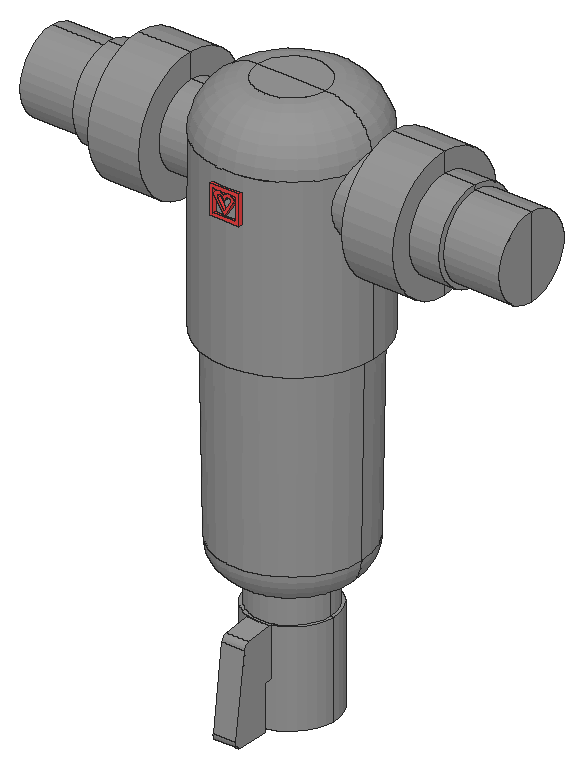
Revit family "Filter für Warmwasser 0554", category Rohrzubehör, Revit 2020
Family settings
  Bemaßung runder Anschluss = Durchmesser verwenden
  Teiletyp = Unterbricht
  OmniClass-Nummer = 23.65.55.14
  OmniClass-Titel = Valves for Liquid Services
  Arbeitsebenenbasiert = Nein
  Immer vertikal = Ja
  Beim Laden mit Abzugskörper schneiden = Nein
  Gemeinsam genutzt = Nein
Parameters
  W02 = 88.00°  # constant formula
  W01 = 89.00°  # constant formula
  Vorgabe-Ansicht = 0.000 mm
  VRS01 = 10.000 mm  # constant formula
  SC_NennweiteBerechnet = 0
  SC_Dimension = ""
  SCTWSEQ = "FI;SBT_TYP_FI=\"FI\";2"
  SCTWCODE = "02;00;02"  # constant formula
  S01 [instance] = (L02 + VRL01 + VRL02) - (L01 / 2)  # 30.500 mm
  Model = "Filter für Heißwasser mit Gehäuse aus Messing und Tasse aus Trogamid."
  Medium = "Trinkwasser"  # constant formula
  Max. Betriebstemperatur = 60 °C  # constant formula
  Max. Betriebsdruck = 1600000.0 Pa  # constant formula
  Tasse = "Kunststoff, Trogamid"  # constant formula
  Hinweis = "Gemäß Art 33 der REACH-Verordnung (EG Nr. 1907/2006) sind wir verpflichtet, darauf hinzuweisen, dass der Stoff Blei auf der SVHC-Liste geführt wird und dass alle aus Messing bestehenden Bauteile, die in unseren Erzeugnissen verarbeitet sind, mehr als 0,1 % (w/w) Blei (CAS: 7439-92-1 / EINECS: 231-100-4) enthalten.\r\nDa Blei als Legierungsbestandteil fest gebunden ist, sind keine Expositionen zu erwarten und daher sind keine zusätzlichen Angaben zur sicheren Verwendung notwendig."
  Gehäuse = "Messing, CW617N"  # constant formula
  GT [instance] = size_lookup("0554_", "GT", 1.000 mm, Nennweite)  # 17.500 mm
  VRL02 [instance] = size_lookup("0554_", "VRL2", 1.000 mm, Nennweite)  # 27.000 mm
  VRL01 [instance] = size_lookup("0554_", "VRL1", 1.000 mm, Nennweite)  # 16.000 mm
  VRD02 [instance] = size_lookup("0554_", "VRD2", 1.000 mm, Nennweite)  # 14.000 mm
  VRD01 [instance] = size_lookup("0554_", "VRD1", 1.000 mm, Nennweite)  # 20.000 mm
  URL = "www.herz-armaturen.at"
  T01 = 1.000 mm  # constant formula
  R02 = 8.000 mm  # constant formula
  R01 = 12.500 mm  # constant formula
  Nennweite [instance] = 25.000 mm
  Filter = "Edelstahl, Maschenweite 100 μm"  # constant formula
  D02 = 22.750 mm  # constant formula
  L02 [instance] = size_lookup("0554_", "L2", 1.000 mm, Nennweite)  # 31.500 mm
  L01 [instance] = size_lookup("0554_", "L1", 1.000 mm, Nennweite)  # 88.000 mm
  Hersteller = "HERZ Armaturen Ges.m.b.H."  # constant formula
  H04 = 151.000 mm  # constant formula
  H03 = 67.500 mm  # constant formula
  H02 = 45.500 mm  # constant formula
  H01 = 24.000 mm  # constant formula
  Bestellnummer [instance] = if(Nennweite = 15.000 mm, "I055401", if(Nennweite = 20.000 mm, "I055402", if(Nennweite = 25.000 mm, "I055403", "0")))  # "I055403"
  Ausführung = "Der HERZ-Wasserfilter wird in Hauseingangsanlagen für Trinkwasser eingesetzt, um das Trinkwasser vor Verunreinigungen zu schützen."
  AG [instance] = Nennweite / 2  # 12.500 mm
  D01 = 25.500 mm  # constant formula
Reference planes
  plane 1 "Mitte (Vorne/hinten)": y = 0
  plane 2: z = 0
  plane 3 "Mitte (Links/rechts)": x = 0
Forms (mm)
  Revolve 1, solid, material "Messing, weicher Gelbton, geschweißt", detail levels fine
    sketch origin (0, 0, 0) x (1, 0, 0) y (0, 0, 1)
      loop
        line (-44, 0) -> (44, 0) -> (44, 12.5) -> (-44, 12.5) -> (-44, 0)
      axis (-44, 0) -> (44, 0)
    angle from 0 to 360
  Revolve 2, solid, material "Messing, weicher Gelbton, geschweißt", detail levels fine
    sketch origin (0, 0, 0) x (1, 0, 0) y (0, 0, 1)
      loop
        line (-31.5, 0) -> (-31.5, 20) -> (-47.5, 20) -> (-47.5, 14) -> (-57, 14) -> (-57, 12.5) -> (-74.5, 12.5) -> (-74.5, 0) -> (-31.5, 0)
      axis (-74.5, 0) -> (-31.5, 0)
    angle from 0 to 360
  Revolve 3, solid, material "Messing, weicher Gelbton, geschweißt", detail levels fine
    sketch origin (0, 0, 0) x (-1, 0, 0) y (0, 0, 1)
      loop
        line (-31.5, 0) -> (-31.5, 20) -> (-47.5, 20) -> (-47.5, 14) -> (-57, 14) -> (-57, 12.5) -> (-74.5, 12.5) -> (-74.5, 0) -> (-31.5, 0)
      axis (-74.5, 0) -> (-31.5, 0)
    angle from 0 to 360
  Revolve 4, solid, material "Messing, weicher Gelbton, geschweißt", detail levels fine
    sketch origin (0, 0, 0) x (1, 0, 0) y (0, 0, 1)
      loop
        line (0, -45.5) -> (0, 24) -> (-10.5, 24)
        arc (-10.5, 24) -> (-21.107, 19.607) -> (-25.5, 9) r 15
        line (-25.5, 9) -> (-25.5, -45.5) -> (0, -45.5)
      axis (0, 24) -> (0, -45.5)
    angle from 0 to 360
  Revolve 5, solid, material "ABS-Kunststoff", detail levels fine
    sketch origin (0, 0, 0) x (1, 0, 0) y (0, 0, 1)
      loop
        line (0, -45.5) -> (-22.75, -45.5) -> (-21.744, -103.156)
        arc (-21.744, -103.156) -> (-19.193, -109.695) -> (-13, -113) r 10.114
        line (-13, -113) -> (0, -113) -> (0, -45.5)
      axis (0, -45.5) -> (0, -113)
    angle from 0 to 360
  Revolve 6, solid, material "Aluminium 3003-H16", detail levels fine
    sketch origin (0, 0, 0) x (1, 0, 0) y (0, 0, 1)
      loop
        line (-13.007, -151) -> (0, -151) -> (0, -113) -> (-12.007, -113) -> (-12.007, -122) -> (-13.007, -122) -> (-13.007, -151)
      axis (0, -113) -> (0, -151)
    angle from 0 to 360
  Extrusion 7, solid, material "Acetalharz, Schwarz", detail levels fine
    sketch origin (0, 0, 0) x (0, 1, 0) y (0, 0, 1)
      loop
        line (-15.045, -151) -> (-15.045, -137.8)
        arc (-15.045, -137.8) -> (-14.81, -137.234) -> (-14.245, -137) r 0.8
        line (-14.245, -137) -> (0, -137) -> (0, -122) -> (-12.995, -122) -> (-20.95, -122.837)
        arc (-20.95, -122.837) -> (-22.128, -123.386) -> (-22.72, -124.543) r 2
        line (-22.72, -124.543) -> (-26.174, -148.717)
        arc (-26.174, -148.717) -> (-25.705, -150.31) -> (-24.194, -151) r 2
        line (-24.194, -151) -> (-15.045, -151)
    from 3.5 to -3.5
Lines and regions (mm)
  model lines, detail levels coarse+medium
    curve 1: line (-44, 0, 24) -> (-44, 0, -24)
    curve 2: line (-44, 0, -24) -> (44, 0, -24)
    curve 3: line (44, 0, -24) -> (44, 0, 24)
    curve 4: line (44, 0, 24) -> (-44, 0, 24)
    curve 5: line (44, 0, 24) -> (12.5, 0, 0)
    curve 6: line (12.5, 0, 0) -> (44, 0, -24)
    curve 7: line (44, 0, 24) -> (54, 0, 24)
    curve 8: line (54, 0, 24) -> (44, 0, 0)
    curve 9: line (44, 0, -24) -> (54, 0, -24)
    curve 10: line (54, 0, -24) -> (44, 0, 0)
    curve 11: line (44, 0, 0) -> (74.5, 0, 0)
    curve 12: line (-44, 0, 24) -> (-54, 0, 24)
    curve 13: line (-54, 0, 24) -> (-44, 0, 0)
    curve 14: line (-44, 0, -24) -> (-54, 0, -24)
    curve 15: line (-54, 0, -24) -> (-44, 0, 0)
    curve 16: line (-44, 0, 0) -> (-74.5, 0, 0)
    curve 17: line (-44, -24, 0) -> (44, -24, 0)
    curve 18: line (-44, 24, 0) -> (-44, -24, 0)
    curve 19: line (44, 24, 0) -> (-44, 24, 0)
    curve 20: line (44, -24, 0) -> (44, 24, 0)
    curve 21: line (44, 24, 0) -> (8.232, 0, 0)
    curve 22: line (8.232, 0, 0) -> (44, -24, 0)
    curve 23: line (44, 24, 0) -> (54, 24, 0)
    curve 24: line (54, 24, 0) -> (44, 0, 0)
    curve 25: line (44, -24, 0) -> (54, -24, 0)
    curve 26: line (54, -24, 0) -> (44, 0, 0)
    curve 27: line (-44, 24, 0) -> (-54, 24, 0)
    curve 28: line (-54, 24, 0) -> (-44, 0, 0)
    curve 29: line (-44, -24, 0) -> (-54, -24, 0)
    curve 30: line (-54, -24, 0) -> (-44, 0, 0)
Dimensions and locks
  "L01": Revolve 1 sketch curve to Revolve 1 sketch curve
  equal spacing: Revolve 1 sketch curve, plane 3 "Mitte (Links/rechts)", Revolve 1 sketch curve
  "R01": Revolve 1 sketch curve to plane 2
  "L02": plane 3 "Mitte (Links/rechts)" to Revolve 2 sketch curve
  "VRL01": Revolve 2 sketch curve to Revolve 2 sketch curve
  "VRL02": Revolve 2 sketch curve to Revolve 2 sketch curve
  "GT": Revolve 2 sketch curve to Revolve 2 sketch curve
  "VRD01": Revolve 2 sketch curve to Revolve 2 sketch curve
  "VRD02": Revolve 2 sketch curve to Revolve 2 sketch curve
  "AG": Revolve 2 sketch curve to Revolve 2 sketch curve
  "VRL01": Revolve 3 sketch curve to Revolve 3 sketch curve
  "VRL02": Revolve 3 sketch curve to Revolve 3 sketch curve
  "GT": Revolve 3 sketch curve to Revolve 3 sketch curve
  "VRD01": Revolve 3 sketch curve to Revolve 3 sketch curve
  "VRD02": Revolve 3 sketch curve to Revolve 3 sketch curve
  "AG": Revolve 3 sketch curve to Revolve 3 sketch curve
  "L02": Revolve 3 sketch curve to plane 3 "Mitte (Links/rechts)"
  "H01": Revolve 4 sketch curve to plane 2
  "D01": Revolve 4 sketch curve to Revolve 4 sketch curve
  "H02": plane 2 to Revolve 4 sketch curve
  "D02": Revolve 5 sketch curve to Revolve 5 sketch curve
  "H02": plane 2 to Revolve 5 sketch curve
  "H03": Revolve 5 sketch curve to Revolve 5 sketch curve
  "H04": plane 2 to Revolve 6 sketch curve
  "D01": nested 1 to plane 1 "Mitte (Vorne/hinten)"
  equal spacing: curve 1, plane 3 "Mitte (Links/rechts)", curve 3
  "H01": curve 4 to level to curve 2
  "L01": curve 1 to curve 3
  "L02": curve 3 to curve 6
  "VRS01": curve 8 to curve 3
  "VRS01": curve 10 to curve 3
  "S01": curve 11 to curve 3
  "VRS01": curve 13 to curve 1
  "VRS01": curve 15 to curve 1
  "S01": curve 16 to Revolve 1
  "L01": curve 18 to curve 20
  equal spacing: curve 18, plane 3 "Mitte (Links/rechts)", curve 20
  "H01": curve 19 to plane 1 "Mitte (Vorne/hinten)" to curve 17
  "VRS01": curve 20 to curve 24
  "VRS01": curve 20 to curve 26
  "VRS01": curve 28 to curve 18
  "VRS01": curve 30 to curve 18
  "W01": angle Revolve 5 sketch curve to Revolve 4
  aligned and locked: level to plane 2
Automatic sketch dimensions
  Extrusion 7 sketch curve to plane 1 "Mitte (Vorne/hinten)" = 0.000 mm
  plane 1 "Mitte (Vorne/hinten)" to Extrusion 7 sketch curve = 12.995 mm
  plane 1 "Mitte (Vorne/hinten)" to Extrusion 7 sketch curve = 14.245 mm
  Extrusion 7 sketch curve to Extrusion 7 sketch curve = 0.800 mm
  Extrusion 7 sketch curve to Extrusion 7 sketch curve = 7.746 mm
  Extrusion 7 sketch curve to Extrusion 7 sketch curve = 0.209 mm
  Extrusion 7 sketch curve to Extrusion 7 sketch curve = 1.980 mm  (x2)
  Extrusion 7 sketch curve to Extrusion 7 sketch curve = 9.149 mm
  Extrusion 7 sketch curve to level = 151.000 mm
  Extrusion 7 sketch curve to Extrusion 7 sketch curve = 2.000 mm
  Extrusion 7 sketch curve to Extrusion 7 sketch curve = 13.200 mm
  Extrusion 7 sketch curve to Extrusion 7 sketch curve = 12.174 mm
  Extrusion 7 sketch curve to Extrusion 7 sketch curve = 0.283 mm
  Extrusion 7 sketch curve to Extrusion 7 sketch curve = 15.000 mm
  curve 15 to level = 0.000 mm
  curve 11 to level = 0.000 mm
  curve 8 to level = 0.000 mm
  curve 5 to level = 0.000 mm
  plane 1 "Mitte (Vorne/hinten)" to curve 22 = 0.000 mm
  plane 1 "Mitte (Vorne/hinten)" to curve 28 = 0.000 mm
  plane 1 "Mitte (Vorne/hinten)" to curve 24 = 0.000 mm
  plane 1 "Mitte (Vorne/hinten)" to curve 26 = 0.000 mm
  plane 3 "Mitte (Links/rechts)" to curve 22 = 8.232 mm
  Revolve 1 sketch curve to level = 0.000 mm  (x2)
  Revolve 1 sketch curve to Revolve 1 sketch curve = 1474.830 mm
  Revolve 1 sketch curve to Revolve 1 sketch curve = 1807.448 mm
  Revolve 2 sketch curve to level = 0.000 mm  (x2)
  Revolve 2 sketch curve to Revolve 2 sketch curve = 1440.530 mm
  plane 3 "Mitte (Links/rechts)" to Revolve 2 sketch curve = 1839.148 mm
  Revolve 3 sketch curve to level = 0.000 mm  (x2)
  Revolve 3 sketch curve to Revolve 3 sketch curve = 1440.530 mm
  plane 3 "Mitte (Links/rechts)" to Revolve 3 sketch curve = 1839.148 mm
  Revolve 4 sketch curve to plane 3 "Mitte (Links/rechts)" = 0.000 mm  (x2)
  level to Revolve 4 sketch curve = 9.000 mm
  Revolve 4 sketch curve to Revolve 4 sketch curve = 320.545 mm
  Revolve 4 sketch curve to Revolve 4 sketch curve = 2190.315 mm
  Revolve 5 sketch curve to plane 3 "Mitte (Links/rechts)" = 0.000 mm  (x2)
  Revolve 5 sketch curve to plane 3 "Mitte (Links/rechts)" = 21.744 mm
  Revolve 5 sketch curve to Revolve 5 sketch curve = 13.000 mm
  Revolve 5 sketch curve to Revolve 5 sketch curve = 10.112 mm
  Revolve 5 sketch curve to Revolve 5 sketch curve = 255.045 mm
  level to Revolve 5 sketch curve = 2214.315 mm
  Revolve 6 sketch curve to plane 3 "Mitte (Links/rechts)" = 0.000 mm  (x2)
  Revolve 6 sketch curve to plane 3 "Mitte (Links/rechts)" = 12.007 mm
  Revolve 6 sketch curve to plane 3 "Mitte (Links/rechts)" = 13.007 mm
  Revolve 6 sketch curve to Revolve 6 sketch curve = 29.000 mm
  Revolve 6 sketch curve to Revolve 6 sketch curve = 9.000 mm
  Revolve 6 sketch curve to Revolve 6 sketch curve = 192.045 mm
  level to Revolve 6 sketch curve = 2214.315 mm
Nested families
  nested 1: "Herz-Logo-vorne" at (0, -25.5, 0) x (0, 1, 0) z (0, 0, 1), type "Herz-Logo-vorne", detail levels fine
Connectors
  piping at (-74.5, 0, 0), diameter 25, driven by "Nennweite"
    settings: on Revolve 2, index 1, connector inside diameter 609.6 mm, connector length 0.000 mm, flow factor 0, pipe flow 0.0 L/s, pressure drop 0.0 Pa, fitting loss kfactor 0, connector angle 0.00°, fixture units 0, engagement length 0.000 mm, angle of deflection 0.00°, flow configuration 0, flow direction 1, fitting loss method 0, system type 19, joint type 0, gender type 0, connector reference index -1, connector utility 0, adjustable connector no, is connector primary yes, connector description ""
  piping at (74.5, 0, 0), diameter 25, driven by "Nennweite"
    settings: on Revolve 3, index 2, connector inside diameter 609.6 mm, connector length 0.000 mm, flow factor 0, pipe flow 0.0 L/s, pressure drop 0.0 Pa, fitting loss kfactor 0, connector angle 0.00°, fixture units 0, engagement length 0.000 mm, angle of deflection 0.00°, flow configuration 0, flow direction 2, fitting loss method 0, system type 19, joint type 0, gender type 0, connector reference index -1, connector utility 0, adjustable connector no, is connector primary no, connector description ""
Definition of nested family "Herz-Logo-vorne"
  Parameters (values of type "Herz-Logo-vorne")
    Default Elevation = 0.000 mm
  Reference planes
    plane 1 "Mitte (Vorne/hinten)": y = 0
    plane 2: z = 0
    plane 3 "Mitte (Links/rechts)": x = 0
  Forms (mm)
    Extrusion 1, solid
      sketch origin (0.732, -0.018, 0.017) x (0, -1, 0) y (0, 0, 1)
        loop
          line (-0.018, -4.517) -> (4.482, -4.517) -> (4.482, 4.483) -> (-4.518, 4.483) -> (-4.518, -4.517) -> (-0.018, -4.517)
        loop
          line (-0.05, -3.48) -> (3.482, -3.48) -> (3.482, 3.483) -> (-3.518, 3.483) -> (-3.518, -3.48) -> (-0.05, -3.48)
        loop
          arc (-0.018, 2.383) -> (-1.543, 3.287) -> (-3.067, 2.383) r 1.738
          arc (-3.067, 2.383) -> (-3.191, 1.899) -> (-3.067, 1.415) r 1.009
          line (-3.067, 1.415) -> (-0.018, -3.281) -> (3.032, 1.415)
          arc (3.032, 1.415) -> (3.156, 1.899) -> (3.032, 2.383) r 1.009
          arc (3.032, 2.383) -> (1.507, 3.287) -> (-0.018, 2.383) r 1.738
        loop
          arc (1.885, 1.272) -> (2.005, 1.675) -> (1.885, 2.079) r 0.74
          arc (1.885, 2.079) -> (1.265, 2.416) -> (0.644, 2.079) r 0.74
          line (0.644, 2.079) -> (-0.018, 0.97) -> (-0.679, 2.079)
          arc (-0.679, 2.079) -> (-1.3, 2.416) -> (-1.921, 2.079) r 0.74
          arc (-1.921, 2.079) -> (-2.04, 1.675) -> (-1.921, 1.272) r 0.74
          line (-1.921, 1.272) -> (-0.018, -1.658) -> (1.885, 1.272)
      from 0 to 1.5
  Dimensions and locks
    aligned and locked: level to plane 2
